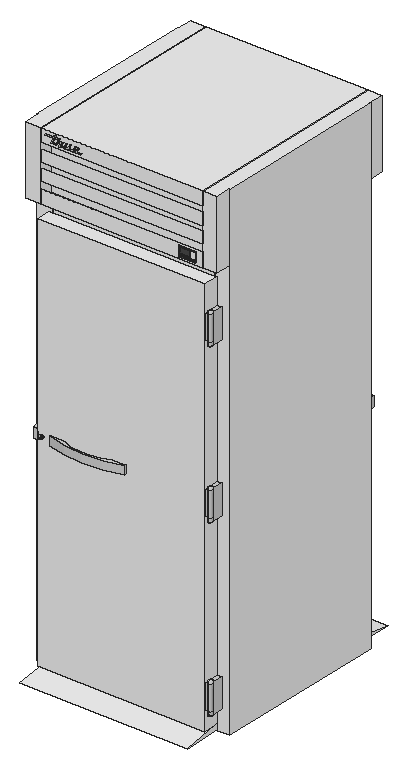
Revit family
Parameters
  Weight in Pounds = 0
  Watts = 2000 W
  Volts = 115 V
  URL Cutsheet = "www.truemfg.com"
  URL = "www.truemfg.com"
  Type Mark [instance] = ""
  Type Comments = ""
  Status [instance] = ""
  Specification by User [instance] = ""
  Specification by Manufacturer = ""
  Show Logo [instance] = yes
  Show Clearance [instance] = yes
  Serial Number = ""
  Seismic Rating = ""
  SMACNA No = ""
  Revision Code [instance] = ""
  Phase = 1
  Omniclass Number and Title = ""
  Number of Poles [instance] = 1
  NAFEM Spec ID Number = ""
  Model = "STG1HRT89-1S-1S"
  Min Ckt Ampacity = 0 A
  Max Overcurrent Protection = 0 A
  Masterspec = ""
  Manufacturer = "TRUE FOOD SERVICE EQUIPMENT, INC."
  Length = 35"
  Item Number [instance] = ""
  Installed By [instance] = ""
  Identify Quantity as Lot [instance] = yes
  Height = 88 3/4"
  HP = ""
  Furnished By [instance] = ""
  Foodservice Equipment Identifier [instance] = yes
  FL Amps = Watts / Volts  # 17.3913 A
  Electrical Remarks [instance] = ""
  Electric Connection Type [instance] = ""
  Elec Conn RI Height [instance] = 0"
  Elec Conn Connection Height [instance] = 0"
  Description = "Roll-thru Solid Swing Door Heated Cabinet"
  Depth = 37 1/2"
  Cycle = 60 Hz
  Conn Plug = "14-20P"
  Conn Conduit = yes
  CSI MasterFormat = ""
  CSI Master Format = ""
  Apparent Power = if(Phase = 3, Volts * FL Amps * 1.73, Volts * FL Amps)  # 2000 VA
Reference planes (in)
  plane 1 "BACK": y = 0
  plane 2: z = 0
  plane 3 "LEFT": x = 0
  plane 4 "RIGHT": x = 35
  plane 5 "FRONT": y = -37.5
  plane 6 "TOP": z = 88.75
  plane 7: x = 2.84375
  plane 8: y = -37.4542
  plane 9: x = 32.15625
  plane 10: y = -0.0458
  plane 11: y = -18.75
  plane 12: z = 73.75
Forms (in)
  Extrusion 1, solid, material "QF_Finishes_Chrome - Satin"
    sketch origin (0.05, 0, 0) x (1, 0, 0) y (0, 1, 0)
      loop
        line (-0.05, -2.75) -> (-0.05, -34.75) -> (2.87859, -34.75) -> (2.87859, -2.75) -> (-0.05, -2.75)
    from 0 to 88.75
  Extrusion 2, solid, material "QF_Finishes_Chrome - Satin"
    sketch origin (50.15, 0, 0) x (1, 0, 0) y (0, 1, 0)
      loop
        line (-17.85, -2.75) -> (-17.85, -34.75) -> (-15.15, -34.75) -> (-15.15, -2.75) -> (-17.85, -2.75)
    from 0 to 88.75
  Extrusion 3, solid, material "QF_Finishes_Chrome - Satin"
    sketch origin (0, 0, 0) x (0, 1, 0) y (0, 0, 1)
      loop
        line (-37.4542, 76.28125) -> (-34.75, 76.28125) -> (-34.75, 0) -> (-2.75, 0) -> (-2.75, 76.28125) -> (-0.0458, 76.28125) -> (-0.0458, 78.81726) -> (-2.25, 77.25) -> (-2.25, 78.52557) -> (-0.0458, 80.09284) -> (-0.0458, 82.18904) -> (-2.25, 80.62178) -> (-2.25, 81.58254) -> (-0.0458, 83.1498) -> (-0.0458, 85.28351) -> (-2.25, 83.71625) -> (-2.25, 84.83852) -> (-0.0458, 86.40578) -> (-0.0458, 88.75) -> (-37.4542, 88.75) -> (-37.4542, 86.40578) -> (-35.25, 84.83852) -> (-35.25, 83.71625) -> (-37.4542, 85.28351) -> (-37.4542, 83.1498) -> (-35.25, 81.58254) -> (-35.25, 80.62178) -> (-37.4542, 82.18904) -> (-37.4542, 80.09284) -> (-35.25, 78.52557) -> (-35.25, 77.25) -> (-37.4542, 78.81726) -> (-37.4542, 76.28125)
    from 2.92859 to 32.3
  Extrusion 4, solid, material "QF_Finishes_Chrome - Satin"
    sketch origin (0, 0, 0) x (1, 0, 0) y (0, 1, 0)
      loop
        line (34.84782, -34.75) -> (32.3, -34.75) -> (32.3, -37.5) -> (34.84782, -37.5) -> (34.84782, -34.75)
      loop
        line (34.84782, -2.75) -> (34.84782, 0) -> (32.3, 0) -> (32.3, -2.75) -> (34.84782, -2.75)
    from 76.28125 to 88.75
  Extrusion 5, solid, material "QF_Finishes_Chrome - Satin"
    sketch origin (-50.125, 0, 0.25) x (1, 0, 0) y (0, 1, 0)
      loop
        line (53.05359, -34.75) -> (50.24109, -34.75) -> (50.24109, -37.5) -> (53.05359, -37.5) -> (53.05359, -34.75)
      loop
        line (53.05359, -2.75) -> (53.05359, 0) -> (50.24109, 0) -> (50.24109, -2.75) -> (53.05359, -2.75)
    from 76.03125 to 88.5
  Extrusion 6, solid, material "QF_Finishes_Chrome - Satin"
    sketch origin (-24.96875, -3.75, -0.71875) x (1, 0, 0) y (0, 0, 1)
      loop
        line (27.25, 1.71875) -> (57.65625, 1.71875) -> (57.65625, 74.46875) -> (27.25, 74.46875) -> (27.25, 1.71875)
    from 31 to 33.75
  Extrusion 7, solid, material "QF_Finishes_Handrails and Railings"
    sketch origin (58.625, -0.25, 26.93519) x (1, 0, 0) y (0, 1, 0)
      loop
        line (-53.875, -37.25) -> (-53.875, -37.45)
        arc (-53.875, -37.45) -> (-47.075, -38.65633) -> (-40.275, -37.45) r 19.7687
        line (-40.275, -37.45) -> (-40.275, -37.25) -> (-42.675, -37.25)
        arc (-42.675, -37.25) -> (-47.075, -38.40816) -> (-51.475, -37.25) r 8.93713
        line (-51.475, -37.25) -> (-53.875, -37.25)
    from 10.87731 to 12.37731
  Extrusion 8, solid, material "QF_Finishes_Handrails and Railings"
    sketch origin (-23.375, -3.83467, -1.5) x (1, 0, 0) y (0, 0, 1)
      loop
        circle (26.4375, 40.0625) r 0.35
      loop
        line (26.47265, 40.33635) -> (26.41715, 40.33635) -> (26.41715, 39.76895) -> (26.47265, 39.76895) -> (26.47265, 40.33635)
    from 33.5 to 33.83066
  Extrusion 9, solid, material "QF_Finishes_Handrails and Railings", visible <- "Show Logo"
    sketch origin (0.33478, -2.68623, 5.01857) x (1, 0, 0) y (0, 0, 1)
      loop
        line (3.46044, 83.08731) -> (3.35478, 82.86073) -> (4.76027, 82.86073)
        arc (4.76027, 82.86073) -> (4.78879, 82.81028) -> (4.76027, 82.75984) r 0.05887
        line (4.76027, 82.75984) -> (4.39369, 81.97372)
        arc (4.39369, 81.97372) -> (4.39051, 81.90091) -> (4.43975, 81.84717) r 0.09523
        line (4.43975, 81.84717) -> (5.33844, 81.84717)
        arc (5.33844, 81.84717) -> (5.45192, 81.88295) -> (5.52436, 81.97735) r 0.19785
        line (5.52436, 81.97735) -> (5.81285, 82.59601) -> (6.0779, 82.59601)
        arc (6.0779, 82.59601) -> (6.14744, 82.57043) -> (6.13737, 82.49703) r 0.05911
        line (6.13737, 82.49703) -> (5.89598, 81.97937)
        arc (5.89598, 81.97937) -> (5.89974, 81.8934) -> (5.97231, 81.84717) r 0.09318
        line (5.97231, 81.84717) -> (6.76198, 81.84717)
        arc (6.76198, 81.84717) -> (6.82249, 81.86919) -> (6.85468, 81.92495) r 0.09412
        arc (6.85468, 81.92495) -> (6.87746, 81.86995) -> (6.93246, 81.84717) r 0.07778
        line (6.93246, 81.84717) -> (7.43246, 81.84717)
        arc (7.43246, 81.84717) -> (7.49022, 81.86265) -> (7.53251, 81.90493) r 0.11552
        arc (7.53251, 81.90493) -> (7.55275, 81.85606) -> (7.60162, 81.83581) r 0.06912
        line (7.60162, 81.83581) -> (8.31225, 81.83581)
        arc (8.31225, 81.83581) -> (8.37034, 81.85988) -> (8.39441, 81.91797) r 0.08216
        arc (8.39441, 81.91797) -> (8.44767, 81.86472) -> (8.52042, 81.84522) r 0.14551
        line (8.52042, 81.84522) -> (9.85158, 81.84522) -> (9.99946, 82.10134) -> (8.65678, 82.10134)
        arc (8.65678, 82.10134) -> (8.61972, 82.12704) -> (8.61834, 82.17211) r 0.05009
        line (8.61834, 82.17211) -> (8.64157, 82.22192)
        arc (8.64157, 82.22192) -> (8.67723, 82.26864) -> (8.73327, 82.28635) r 0.09747
        line (8.73327, 82.28635) -> (9.16485, 82.28635)
        arc (9.16485, 82.28635) -> (9.258, 82.31131) -> (9.32619, 82.3795) r 0.1863
        line (9.32619, 82.3795) -> (9.45119, 82.59601)
        arc (9.45119, 82.59601) -> (9.45119, 82.71157) -> (9.35111, 82.76934) r 0.11556
        line (9.35111, 82.76934) -> (8.89562, 82.76934)
        arc (8.89562, 82.76934) -> (8.7795, 82.74962) -> (8.69849, 82.66412) r 0.18605
        line (8.69849, 82.66412) -> (8.48204, 82.19993)
        arc (8.48204, 82.19993) -> (8.41815, 82.11667) -> (8.31806, 82.08511) r 0.1745
        line (8.31806, 82.08511) -> (7.84559, 82.08511)
        arc (7.84559, 82.08511) -> (7.78903, 82.14684) -> (7.79268, 82.23048) r 0.10939
        line (7.79268, 82.23048) -> (8.04395, 82.76934) -> (7.88403, 82.76934) -> (7.61781, 82.19844)
        arc (7.61781, 82.19844) -> (7.56609, 82.13103) -> (7.48505, 82.10548) r 0.14128
        line (7.48505, 82.10548) -> (7.15925, 82.10548)
        arc (7.15925, 82.10548) -> (7.10419, 82.17723) -> (7.116, 82.26689) r 0.11816
        line (7.116, 82.26689) -> (7.3503, 82.76934) -> (7.18514, 82.76934) -> (6.91546, 82.191)
        arc (6.91546, 82.191) -> (6.85285, 82.12839) -> (6.76733, 82.10548) r 0.17104
        line (6.76733, 82.10548) -> (6.29555, 82.10548)
        arc (6.29555, 82.10548) -> (6.21082, 82.14499) -> (6.20267, 82.23813) r 0.0935
        line (6.20267, 82.23813) -> (6.35774, 82.57069) -> (6.57695, 82.57069)
        arc (6.57695, 82.57069) -> (6.61395, 82.68217) -> (6.69267, 82.76934) r 0.2857
        line (6.69267, 82.76934) -> (5.83605, 82.76934)
        arc (5.83605, 82.76934) -> (5.74086, 82.74824) -> (5.67498, 82.67635) r 0.16212
        line (5.67498, 82.67635) -> (5.44279, 82.17841)
        arc (5.44279, 82.17841) -> (5.3894, 82.12502) -> (5.31647, 82.10548) r 0.14586
        line (5.31647, 82.10548) -> (4.80506, 82.10548)
        arc (4.80506, 82.10548) -> (4.76514, 82.15942) -> (4.77274, 82.22609) r 0.09155
        line (4.77274, 82.22609) -> (5.11018, 82.86073) -> (5.96155, 82.86073) -> (6.06721, 83.08731) -> (5.21584, 83.08731) -> (5.32149, 83.31388) -> (5.01862, 83.31388) -> (4.91297, 83.08731) -> (3.46044, 83.08731)
      loop
        arc (8.83805, 82.56363) -> (8.80119, 82.55375) -> (8.7742, 82.52676) r 0.07373
        line (8.7742, 82.52676) -> (8.75229, 82.45936)
        arc (8.75229, 82.45936) -> (8.76245, 82.43483) -> (8.78699, 82.42466) r 0.0347
        line (8.78699, 82.42466) -> (9.15948, 82.42466)
        arc (9.15948, 82.42466) -> (9.18632, 82.43061) -> (9.20812, 82.44734) r 0.0635
        line (9.20812, 82.44734) -> (9.22624, 82.53122)
        arc (9.22624, 82.53122) -> (9.22091, 82.55368) -> (9.20009, 82.56363) r 0.02676
        line (9.20009, 82.56363) -> (8.83805, 82.56363)
    from 34.76797 to 34.83173
  Extrusion 10, solid, material "QF_Finishes_White"
    sketch origin (-22.74812, -2.7042, -7.94372) x (1, 0, 0) y (0, 0, 1)
      loop
        line (50.81732, 86.35727) -> (50.81732, 84.60996) -> (53.72357, 84.60996) -> (53.72357, 86.35727) -> (50.81732, 86.35727)
    from 34.75 to 34.76797
  Extrusion 11, solid, material "QF_Finishes_Black"
    sketch origin (-22.74812, -2.7042, -7.94372) x (1, 0, 0) y (0, 0, 1)
      loop
        line (53.78607, 86.41977) -> (50.75482, 86.41977) -> (50.75482, 84.54746) -> (53.78607, 84.54746) -> (53.78607, 86.41977)
      loop
        spline (50.95482, 84.87872) -> (50.96333, 84.86254) -> (50.98831, 84.84747) -> (51.02804, 84.83452) -> (51.07982, 84.82459) -> (51.14011, 84.81835) -> (51.20482, 84.81622) -> (51.26952, 84.81835) -> (51.32982, 84.82459) -> (51.38159, 84.83452) -> (51.42132, 84.84747) -> (51.4463, 84.86254) -> (51.45482, 84.87872)
        spline (51.45482, 84.87872) -> (51.4463, 84.89489) -> (51.42132, 84.90997) -> (51.38159, 84.92291) -> (51.32982, 84.93284) -> (51.26952, 84.93909) -> (51.20482, 84.94122) -> (51.14011, 84.93909) -> (51.07982, 84.93284) -> (51.02804, 84.92291) -> (50.98831, 84.90997) -> (50.96333, 84.89489) -> (50.95482, 84.87872)
      loop
        spline (51.65083, 84.87872) -> (51.65935, 84.86254) -> (51.68432, 84.84747) -> (51.72405, 84.83452) -> (51.77583, 84.82459) -> (51.83612, 84.81835) -> (51.90083, 84.81622) -> (51.96553, 84.81835) -> (52.02583, 84.82459) -> (52.07761, 84.83452) -> (52.11734, 84.84747) -> (52.14231, 84.86254) -> (52.15083, 84.87872)
        spline (52.15083, 84.87872) -> (52.14231, 84.89489) -> (52.11734, 84.90997) -> (52.07761, 84.92291) -> (52.02583, 84.93284) -> (51.96553, 84.93909) -> (51.90083, 84.94122) -> (51.83612, 84.93909) -> (51.77583, 84.93284) -> (51.72405, 84.92291) -> (51.68432, 84.90997) -> (51.65935, 84.89489) -> (51.65083, 84.87872)
      loop
        spline (52.40083, 84.87872) -> (52.40935, 84.86254) -> (52.43432, 84.84747) -> (52.47405, 84.83452) -> (52.52583, 84.82459) -> (52.58612, 84.81835) -> (52.65083, 84.81622) -> (52.71553, 84.81835) -> (52.77583, 84.82459) -> (52.82761, 84.83452) -> (52.86734, 84.84747) -> (52.89231, 84.86254) -> (52.90083, 84.87872)
        spline (52.90083, 84.87872) -> (52.89231, 84.89489) -> (52.86734, 84.90997) -> (52.82761, 84.92291) -> (52.77583, 84.93284) -> (52.71553, 84.93909) -> (52.65083, 84.94122) -> (52.58612, 84.93909) -> (52.52583, 84.93284) -> (52.47405, 84.92291) -> (52.43432, 84.90997) -> (52.40935, 84.89489) -> (52.40083, 84.87872)
      loop
        line (50.95481, 86.21978) -> (50.95481, 85.21978) -> (52.65433, 85.21978) -> (52.65433, 86.21978) -> (50.95481, 86.21978)
      loop
        line (53.72357, 86.35727) -> (50.81732, 86.35727) -> (50.81732, 84.60996) -> (53.72357, 84.60996) -> (53.72357, 86.35727)
      loop
        spline (53.15083, 84.87872) -> (53.15935, 84.86254) -> (53.18432, 84.84747) -> (53.22405, 84.83452) -> (53.27583, 84.82459) -> (53.33612, 84.81835) -> (53.40083, 84.81622) -> (53.46553, 84.81835) -> (53.52583, 84.82459) -> (53.57761, 84.83452) -> (53.61734, 84.84747) -> (53.64231, 84.86254) -> (53.65083, 84.87872)
        spline (53.65083, 84.87872) -> (53.64231, 84.89489) -> (53.61734, 84.90997) -> (53.57761, 84.92291) -> (53.52583, 84.93284) -> (53.46553, 84.93909) -> (53.40083, 84.94122) -> (53.33612, 84.93909) -> (53.27583, 84.93284) -> (53.22405, 84.92291) -> (53.18432, 84.90997) -> (53.15935, 84.89489) -> (53.15083, 84.87872)
    from 34.76797 to 34.80335
  Extrusion 12, solid
    sketch origin (-25.125, 0, 0) x (1, 0, 0) y (0, 0, 1)
      loop
        circle (56.875, 86.625) r 0.25
    from 0 to 0.0625
  Blend 13, solid, material "QF_Finishes_Handrails and Railings"
    base sketch origin (27.53125, -3.75, 0.5) x (-1, 0, 0) y (0, 0, -1)
      loop
        line (25.25, -38.99169) -> (26, -38.99169) -> (26, -37.24169) -> (25.25, -37.24169) -> (25.25, -38.99169)
    top sketch origin (27.53125, 0, 0.5) x (-1, 0, 0) y (0, 0, -1)
      loop
        line (26.18223, -36.6441) -> (25.25, -36.6441) -> (25.25, -39.42643) -> (26.18223, -39.42643) -> (26.18223, -36.6441)
    from 33.57883 to 34.75
  Extrusion 14, solid, material "QF_Finishes_Handrails and Railings"
    sketch origin (33.78125, 0, 0) x (0, 1, 0) y (0, 0, -1)
      loop
        line (-34.75, -69.17729) -> (-34.75, -63.86127) -> (-37, -63.86127) -> (-37, -64.57348) -> (-36.56497, -64.57348) -> (-36.56497, -68.97276)
        arc (-36.56497, -68.97276) -> (-36.50506, -69.11738) -> (-36.36044, -69.17729) r 0.20453
        line (-36.36044, -69.17729) -> (-34.75, -69.17729)
    from 0.17506 to 1
  Revolve 15, solid, material "QF_Finishes_Handrails and Railings"
    sketch origin (33.28125, 0, 0) x (0, 1, 0) y (0, 0, -1)
      loop
        line (-37.01563, -64.62689) -> (-37.42229, -64.62689) -> (-37.42229, -69.0986)
        arc (-37.42229, -69.0986) -> (-37.28722, -69.35057) -> (-37.01563, -69.43983) r 0.3848
        line (-37.01563, -69.43983) -> (-37.01563, -64.62689)
      loop
        line (-37.01563, -64.57348) -> (-37.01563, -63.67281)
        arc (-37.01563, -63.67281) -> (-37.28264, -63.75883) -> (-37.42229, -64.00212) r 0.38884
        line (-37.42229, -64.00212) -> (-37.42229, -64.57348) -> (-37.01563, -64.57348)
      axis (-37.01563, -63.67281) -> (-37.01563, -69.43983)
    angle from 0 to 360
  Extrusion 16, solid, material "QF_Finishes_Handrails and Railings"
    sketch origin (27.5, -3.82734, 0.0011) x (-1, 0, 0) y (0, 0, -1)
      loop
        line (-5.58509, -69.0986) -> (-5.1875, -69.0986) -> (-5.1875, -64.62579) -> (-5.58509, -64.62579) -> (-5.58509, -69.0986)
    from 32.81497 to 33.59495
  Extrusion 17, solid, material "QF_Finishes_Handrails and Railings"
    sketch origin (33.78125, 0, -24) x (0, 1, 0) y (0, 0, -1)
      loop
        line (-34.75, -64.55229) -> (-34.75, -59.23627) -> (-37, -59.23627) -> (-37, -59.94848) -> (-36.56497, -59.94848) -> (-36.56497, -64.34776)
        arc (-36.56497, -64.34776) -> (-36.50506, -64.49238) -> (-36.36044, -64.55229) r 0.20453
        line (-36.36044, -64.55229) -> (-34.75, -64.55229)
    from 0.17506 to 1
  Revolve 18, solid, material "QF_Finishes_Handrails and Railings"
    sketch origin (33.28125, 0, -24) x (0, 1, 0) y (0, 0, -1)
      loop
        line (-37.01563, -60.00189) -> (-37.42229, -60.00189) -> (-37.42229, -64.4736)
        arc (-37.42229, -64.4736) -> (-37.28722, -64.72557) -> (-37.01563, -64.81483) r 0.3848
        line (-37.01563, -64.81483) -> (-37.01563, -60.00189)
      loop
        line (-37.01563, -59.94848) -> (-37.01563, -59.04781)
        arc (-37.01563, -59.04781) -> (-37.28264, -59.13383) -> (-37.42229, -59.37712) r 0.38884
        line (-37.42229, -59.37712) -> (-37.42229, -59.94848) -> (-37.01563, -59.94848)
      axis (-37.01563, -59.04781) -> (-37.01563, -64.81483)
    angle from 0 to 360
  Extrusion 19, solid, material "QF_Finishes_Handrails and Railings"
    sketch origin (27.5, -3.82734, -23.9989) x (-1, 0, 0) y (0, 0, -1)
      loop
        line (-5.58509, -64.4736) -> (-5.1875, -64.4736) -> (-5.1875, -60.00079) -> (-5.58509, -60.00079) -> (-5.58509, -64.4736)
    from 32.81497 to 33.59495
  Extrusion 20, solid, material "QF_Finishes_Handrails and Railings"
    sketch origin (33.78125, 0, -55.5) x (0, 1, 0) y (0, 0, -1)
      loop
        line (-34.75, -64.55229) -> (-34.75, -59.23627) -> (-37, -59.23627) -> (-37, -59.94848) -> (-36.56497, -59.94848) -> (-36.56497, -64.34776)
        arc (-36.56497, -64.34776) -> (-36.50506, -64.49238) -> (-36.36044, -64.55229) r 0.20453
        line (-36.36044, -64.55229) -> (-34.75, -64.55229)
    from 0.17506 to 1
  Revolve 21, solid, material "QF_Finishes_Handrails and Railings"
    sketch origin (33.28125, 0, -55.5) x (0, 1, 0) y (0, 0, -1)
      loop
        line (-37.01563, -60.00189) -> (-37.42229, -60.00189) -> (-37.42229, -64.4736)
        arc (-37.42229, -64.4736) -> (-37.28722, -64.72557) -> (-37.01563, -64.81483) r 0.3848
        line (-37.01563, -64.81483) -> (-37.01563, -60.00189)
      loop
        line (-37.01563, -59.94848) -> (-37.01563, -59.04781)
        arc (-37.01563, -59.04781) -> (-37.28264, -59.13383) -> (-37.42229, -59.37712) r 0.38884
        line (-37.42229, -59.37712) -> (-37.42229, -59.94848) -> (-37.01563, -59.94848)
      axis (-37.01563, -59.04781) -> (-37.01563, -64.81483)
    angle from 0 to 360
  Extrusion 22, solid, material "QF_Finishes_Handrails and Railings"
    sketch origin (27.5, -3.82734, -55.4989) x (-1, 0, 0) y (0, 0, -1)
      loop
        line (-5.58509, -64.4736) -> (-5.1875, -64.4736) -> (-5.1875, -60.00079) -> (-5.58509, -60.00079) -> (-5.58509, -64.4736)
    from 32.81497 to 33.59495
  Extrusion 23, solid, material "QF_Finishes_Door Clearance", visible <- "Show Clearance", detail levels coarse
    sketch origin (26.42841, -3.6098, 0) x (1, 0, 0) y (0, 1, 0)
      loop
        line (6.32159, -33.8902) -> (-24.14716, -33.8902)
        arc (-24.14716, -33.8902) -> (-15.22307, -55.43486) -> (6.32159, -64.35895) r 30.46875
        line (6.32159, -64.35895) -> (6.32159, -33.8902)
    from 1 to 73.75
  Extrusion 24, solid, material "QF_Finishes_Chrome - Satin"
    sketch origin (32.6875, -3.75, 1) x (0, 0, 1) y (0, -1, 0)
      loop
        line (-1, 37.6875) -> (-1, 31) -> (0, 31) -> (-1, 37.6875)
    from 0 to -30.40625
  Extrusion 25, solid, material "QF_Finishes_Chrome - Satin"
    sketch origin (59.96875, -33.75, -0.71875) x (-1, 0, 0) y (0, 0, 1)
      loop
        line (27.25, 1.71875) -> (57.65625, 1.71875) -> (57.65625, 74.46875) -> (27.25, 74.46875) -> (27.25, 1.71875)
    from 31 to 33.75
  Extrusion 26, solid, material "QF_Finishes_Handrails and Railings"
    sketch origin (-23.625, -37.25, 26.93519) x (-1, 0, 0) y (0, -1, 0)
      loop
        line (-53.875, -37.25) -> (-53.875, -37.45)
        arc (-53.875, -37.45) -> (-47.075, -38.65628) -> (-40.275, -37.45) r 19.76948
        line (-40.275, -37.45) -> (-40.275, -37.25) -> (-42.675, -37.25)
        arc (-42.675, -37.25) -> (-47.075, -38.40816) -> (-51.475, -37.25) r 8.93715
        line (-51.475, -37.25) -> (-53.875, -37.25)
    from 10.87731 to 12.37731
  Extrusion 27, solid, material "QF_Finishes_Handrails and Railings"
    sketch origin (58.375, -33.66533, -1.5) x (-1, 0, 0) y (0, 0, 1)
      loop
        circle (26.4375, 40.0625) r 0.35
      loop
        line (26.47265, 40.33635) -> (26.41715, 40.33635) -> (26.41715, 39.76895) -> (26.47265, 39.76895) -> (26.47265, 40.33635)
    from 33.5 to 33.83066
  Blend 28, solid, material "QF_Finishes_Handrails and Railings"
    base sketch origin (7.46875, -33.75, 0.5) x (1, 0, 0) y (0, 0, -1)
      loop
        line (25.25, -38.99169) -> (26, -38.99169) -> (26, -37.24169) -> (25.25, -37.24169) -> (25.25, -38.99169)
    top sketch origin (7.46875, -37.5, 0.5) x (1, 0, 0) y (0, 0, -1)
      loop
        line (26.18223, -36.6441) -> (25.25, -36.6441) -> (25.25, -39.42643) -> (26.18223, -39.42643) -> (26.18223, -36.6441)
    from 33.57883 to 34.75
  Extrusion 29, solid, material "QF_Finishes_Handrails and Railings"
    sketch origin (1.21875, -37.5, 0) x (0, -1, 0) y (0, 0, -1)
      loop
        line (-34.75, -69.17729) -> (-34.75, -63.86127) -> (-37, -63.86127) -> (-37, -64.57348) -> (-36.56497, -64.57348) -> (-36.56497, -68.97276)
        arc (-36.56497, -68.97276) -> (-36.50506, -69.11738) -> (-36.36044, -69.17729) r 0.20453
        line (-36.36044, -69.17729) -> (-34.75, -69.17729)
    from 0.17506 to 1
  Revolve 30, solid, material "QF_Finishes_Handrails and Railings"
    sketch origin (1.71875, -37.5, 0) x (0, -1, 0) y (0, 0, -1)
      loop
        line (-37.01563, -64.62689) -> (-37.42229, -64.62689) -> (-37.42229, -69.0986)
        arc (-37.42229, -69.0986) -> (-37.28722, -69.35057) -> (-37.01563, -69.43983) r 0.3848
        line (-37.01563, -69.43983) -> (-37.01563, -64.62689)
      loop
        line (-37.01563, -64.57348) -> (-37.01563, -63.67281)
        arc (-37.01563, -63.67281) -> (-37.28264, -63.75883) -> (-37.42229, -64.00212) r 0.38884
        line (-37.42229, -64.00212) -> (-37.42229, -64.57348) -> (-37.01563, -64.57348)
      axis (-37.01563, -63.67281) -> (-37.01563, -69.43983)
    angle from 0 to 360
  Extrusion 31, solid, material "QF_Finishes_Handrails and Railings"
    sketch origin (7.5, -33.67266, 0.0011) x (1, 0, 0) y (0, 0, -1)
      loop
        line (-5.58509, -69.0986) -> (-5.1875, -69.0986) -> (-5.1875, -64.62579) -> (-5.58509, -64.62579) -> (-5.58509, -69.0986)
    from 32.81497 to 33.59495
  Extrusion 32, solid, material "QF_Finishes_Handrails and Railings"
    sketch origin (1.21875, -37.5, -24) x (0, -1, 0) y (0, 0, -1)
      loop
        line (-34.75, -64.55229) -> (-34.75, -59.23627) -> (-37, -59.23627) -> (-37, -59.94848) -> (-36.56497, -59.94848) -> (-36.56497, -64.34776)
        arc (-36.56497, -64.34776) -> (-36.50506, -64.49238) -> (-36.36044, -64.55229) r 0.20453
        line (-36.36044, -64.55229) -> (-34.75, -64.55229)
    from 0.17506 to 1
  Revolve 33, solid, material "QF_Finishes_Handrails and Railings"
    sketch origin (1.71875, -37.5, -24) x (0, -1, 0) y (0, 0, -1)
      loop
        line (-37.01563, -60.00189) -> (-37.42229, -60.00189) -> (-37.42229, -64.4736)
        arc (-37.42229, -64.4736) -> (-37.28722, -64.72557) -> (-37.01563, -64.81483) r 0.3848
        line (-37.01563, -64.81483) -> (-37.01563, -60.00189)
      loop
        line (-37.01563, -59.94848) -> (-37.01563, -59.04781)
        arc (-37.01563, -59.04781) -> (-37.28264, -59.13383) -> (-37.42229, -59.37712) r 0.38884
        line (-37.42229, -59.37712) -> (-37.42229, -59.94848) -> (-37.01563, -59.94848)
      axis (-37.01563, -59.04781) -> (-37.01563, -64.81483)
    angle from 0 to 360
  Extrusion 34, solid, material "QF_Finishes_Handrails and Railings"
    sketch origin (7.5, -33.67266, -23.9989) x (1, 0, 0) y (0, 0, -1)
      loop
        line (-5.58509, -64.4736) -> (-5.1875, -64.4736) -> (-5.1875, -60.00079) -> (-5.58509, -60.00079) -> (-5.58509, -64.4736)
    from 32.81497 to 33.59495
  Extrusion 35, solid, material "QF_Finishes_Handrails and Railings"
    sketch origin (1.21875, -37.5, -55.5) x (0, -1, 0) y (0, 0, -1)
      loop
        line (-34.75, -64.55229) -> (-34.75, -59.23627) -> (-37, -59.23627) -> (-37, -59.94848) -> (-36.56497, -59.94848) -> (-36.56497, -64.34776)
        arc (-36.56497, -64.34776) -> (-36.50506, -64.49238) -> (-36.36044, -64.55229) r 0.20453
        line (-36.36044, -64.55229) -> (-34.75, -64.55229)
    from 0.17506 to 1
  Revolve 36, solid, material "QF_Finishes_Handrails and Railings"
    sketch origin (1.71875, -37.5, -55.5) x (0, -1, 0) y (0, 0, -1)
      loop
        line (-37.01563, -60.00189) -> (-37.42229, -60.00189) -> (-37.42229, -64.4736)
        arc (-37.42229, -64.4736) -> (-37.28722, -64.72557) -> (-37.01563, -64.81483) r 0.3848
        line (-37.01563, -64.81483) -> (-37.01563, -60.00189)
      loop
        line (-37.01563, -59.94848) -> (-37.01563, -59.04781)
        arc (-37.01563, -59.04781) -> (-37.28264, -59.13383) -> (-37.42229, -59.37712) r 0.38884
        line (-37.42229, -59.37712) -> (-37.42229, -59.94848) -> (-37.01563, -59.94848)
      axis (-37.01563, -59.04781) -> (-37.01563, -64.81483)
    angle from 0 to 360
  Extrusion 37, solid, material "QF_Finishes_Handrails and Railings"
    sketch origin (7.5, -33.67266, -55.4989) x (1, 0, 0) y (0, 0, -1)
      loop
        line (-5.58509, -64.4736) -> (-5.1875, -64.4736) -> (-5.1875, -60.00079) -> (-5.58509, -60.00079) -> (-5.58509, -64.4736)
    from 32.81497 to 33.59495
  Extrusion 38, solid, material "QF_Finishes_Door Clearance", visible <- "Show Clearance", detail levels coarse
    sketch origin (8.57159, -33.8902, 0) x (-1, 0, 0) y (0, -1, 0)
      loop
        line (6.32159, -33.8902) -> (-24.14716, -33.8902)
        arc (-24.14716, -33.8902) -> (-15.22307, -55.43486) -> (6.32159, -64.35895) r 30.46875
        line (6.32159, -64.35895) -> (6.32159, -33.8902)
    from 1 to 73.75
  Extrusion 39, solid, material "QF_Finishes_Chrome - Satin"
    sketch origin (2.3125, -33.75, 1) x (0, 0, 1) y (0, 1, 0)
      loop
        line (-1, 37.6875) -> (-1, 31) -> (0, 31) -> (-1, 37.6875)
    from 0 to -30.40625
Cuts and joins
  joined: Extrusion 1, Extrusion 2, Extrusion 4, Extrusion 5
Lines and regions (in)
  symbolic lines
    curve 1: line (0, 0, 0) -> (35, 0, 0)
    curve 2: line (0, -37.5, 0) -> (0, 0, 0)
    curve 3: line (35, -37.5, 0) -> (0, -37.5, 0)
    curve 4: line (35, 0, 0) -> (35, -37.5, 0)
    curve 5: line (35, -35.25, 0) -> (0, -35.25, 0)
    curve 6: arc (15.95746, -37.5, 0) -> (11.55746, -38.65816, 0) -> (7.15746, -37.5, 0) r 8.93715
    curve 7: line (4.75746, -37.5, 0) -> (4.75746, -37.70273, 0)
    curve 8: line (18.35746, -37.69726, 0) -> (18.35746, -37.5, 0)
    curve 13: line (16.65, 0.2, 0) -> (16.65, 0, 0)
    curve 14: line (30.25, 0, 0) -> (30.25, 0.2, 0)
    curve 15: arc (19.05, 0, 0) -> (23.45, 1.15816, 0) -> (27.85, 0, 0) r 8.93715
    curve 16: arc (4.75746, -37.70273, 0) -> (11.55795, -38.90633, 0) -> (18.35746, -37.69726, 0) r 19.7687
    curve 17: arc (30.25, 0.2, 0) -> (23.45, 1.40628, 0) -> (16.65, 0.2, 0) r 19.76948
    curve 18: line (35, -2.25, 0) -> (0, -2.25, 0)
  symbolic lines, style "QF-Door Swings", visible <- "Show Clearance", detail levels coarse
    curve 9: line (32.75, -37.5, 0) -> (32.75, -67.96875, 0)
    curve 10: arc (32.75, -67.96875, 0) -> (11.20534, -59.04466, 0) -> (2.28125, -37.5, 0) r 30.46875
    curve 11: line (2.25, 0, 0) -> (2.25, 30.46875, 0)
    curve 12: arc (2.25, 30.46875, 0) -> (23.79466, 21.54466, 0) -> (32.71875, 0, 0) r 30.46875
Dimensions and locks (in)
  "Depth": plane 5 "FRONT" to plane 1 "BACK"
  plane 6 "TOP" to level = 88 3/4"  (x2)
  Extrusion 6 sketch curve to Extrusion 6 sketch curve = 30 13/32"
  Extrusion 6 to plane 1 "BACK" = 37 1/2"
  "Length": plane 3 "LEFT" to plane 4 "RIGHT"
  plane 4 "RIGHT" to plane 3 "LEFT" = 35"
  plane 5 "FRONT" to plane 1 "BACK" = 37 1/2"
  Extrusion 25 sketch curve to Extrusion 25 sketch curve = 30 13/32"
  plane 12 to level = 73 3/4"
  aligned and locked: level to plane 2
Automatic sketch dimensions
  Extrusion 39 sketch curve to Extrusion 25 = 0"
  Extrusion 39 sketch curve to Extrusion 39 sketch curve = 1"
  Extrusion 39 sketch curve to Extrusion 25 = 3 15/16"
  Extrusion 1 sketch curve to plane 3 "LEFT" = 0"
  plane 1 "BACK" to Extrusion 1 sketch curve = 2 3/4"
  plane 7 to Extrusion 1 sketch curve = 0.08484"
  Extrusion 1 sketch curve to plane 5 "FRONT" = 2 3/4"
  plane 1 "BACK" to Extrusion 2 sketch curve = 2 3/4"
  Extrusion 2 sketch curve to plane 4 "RIGHT" = 0"
  Extrusion 2 sketch curve to plane 9 = 0.14375"
  Extrusion 2 sketch curve to plane 5 "FRONT" = 2 3/4"
  Extrusion 3 sketch curve to plane 8 = 0"  (x4)
  Extrusion 3 sketch curve to level = 0"
  Extrusion 3 sketch curve to plane 10 = 0"  (x4)
  Extrusion 3 sketch curve to plane 6 "TOP" = 0"
  plane 8 to Extrusion 3 sketch curve = 2.2042"
  Extrusion 3 sketch curve to Extrusion 3 sketch curve = 0"  (x3)
  plane 8 to Extrusion 3 sketch curve = 2.7042"
  Extrusion 3 sketch curve to Extrusion 3 sketch curve = 2.7042"
  plane 10 to Extrusion 3 sketch curve = 2.2042"
  Extrusion 3 sketch curve to Extrusion 3 sketch curve = 1/2"
  Extrusion 3 sketch curve to plane 6 "TOP" = 12 15/32"  (x2)
  Extrusion 3 sketch curve to Extrusion 3 sketch curve = 31/32"  (x2)
  Extrusion 3 sketch curve to Extrusion 3 sketch curve = 1.27557"  (x4)
  Extrusion 3 sketch curve to Extrusion 3 sketch curve = 0.29169"  (x2)
  Extrusion 3 sketch curve to Extrusion 3 sketch curve = 2.0962"  (x4)
  Extrusion 3 sketch curve to Extrusion 3 sketch curve = 0.96076"  (x4)
  Extrusion 3 sketch curve to Extrusion 3 sketch curve = 2.13371"  (x4)
  Extrusion 3 sketch curve to Extrusion 3 sketch curve = 1.12227"  (x4)
  Extrusion 6 sketch curve to plane 7 = 9/16"
  level to Extrusion 6 sketch curve = 1"
  Extrusion 6 sketch curve to plane 6 "TOP" = 15"
  plane 7 to Extrusion 8 sketch curve = 0.1984"
  plane 7 to Extrusion 8 sketch curve = 7/32"
  Extrusion 8 sketch curve to Extrusion 8 sketch curve = 0.0555"
  level to Extrusion 8 sketch curve = 38.26895"
  Extrusion 8 sketch curve to Extrusion 8 sketch curve = 0.29355"
  Extrusion 8 sketch curve to Extrusion 8 sketch curve = 0.27385"
  plane 7 to Extrusion 9 sketch curve = 0.84582"
  Extrusion 9 sketch curve to Extrusion 9 sketch curve = 0.10565"  (x5)
  Extrusion 9 sketch curve to Extrusion 9 sketch curve = 1.03891"
  Extrusion 9 sketch curve to Extrusion 9 sketch curve = 0.04606"
  Extrusion 9 sketch curve to Extrusion 9 sketch curve = 0.08631"
  Extrusion 9 sketch curve to Extrusion 9 sketch curve = 0.33624"
  Extrusion 9 sketch curve to Extrusion 9 sketch curve = 0.03034"  (x2)
  Extrusion 9 sketch curve to Extrusion 9 sketch curve = 0.29274"
  Extrusion 9 sketch curve to Extrusion 9 sketch curve = 0.03232"
  Extrusion 9 sketch curve to Extrusion 9 sketch curve = 0.04851"
  Extrusion 9 sketch curve to plane 6 "TOP" = 0.64412"
  Extrusion 9 sketch curve to Extrusion 9 sketch curve = 0.1527"
  Extrusion 9 sketch curve to plane 6 "TOP" = 0.41755"
  Extrusion 9 sketch curve to Extrusion 9 sketch curve = 0.19721"
  Extrusion 9 sketch curve to Extrusion 9 sketch curve = 0.4629"
  Extrusion 9 sketch curve to Extrusion 9 sketch curve = 0.02197"
  Extrusion 9 sketch curve to Extrusion 9 sketch curve = 0.12632"
  Extrusion 9 sketch curve to Extrusion 9 sketch curve = 0.18591"
  Extrusion 9 sketch curve to plane 6 "TOP" = 1.05508"
  Extrusion 9 sketch curve to Extrusion 9 sketch curve = 0.2322"
  Extrusion 9 sketch curve to Extrusion 9 sketch curve = 0.13786"
  Extrusion 9 sketch curve to Extrusion 9 sketch curve = 0.00907"
  Extrusion 9 sketch curve to Extrusion 9 sketch curve = 0.01413"
  Extrusion 9 sketch curve to Extrusion 9 sketch curve = 0.37162"
  Extrusion 9 sketch curve to plane 6 "TOP" = 0.8707"
  Extrusion 9 sketch curve to Extrusion 9 sketch curve = 0.12551"
  Extrusion 9 sketch curve to Extrusion 9 sketch curve = 0.07633"
  Extrusion 9 sketch curve to Extrusion 9 sketch curve = 0.08445"
  Extrusion 9 sketch curve to Extrusion 9 sketch curve = 0.25598"
  Extrusion 9 sketch curve to Extrusion 9 sketch curve = 0.01887"
  Extrusion 9 sketch curve to Extrusion 9 sketch curve = 0.04061"
  Extrusion 9 sketch curve to plane 6 "TOP" = 1.4933"
  Extrusion 9 sketch curve to Extrusion 9 sketch curve = 0.0653"
  Extrusion 9 sketch curve to Extrusion 9 sketch curve = 0.08474"
  Extrusion 9 sketch curve to Extrusion 9 sketch curve = 0.00815"
  Extrusion 9 sketch curve to Extrusion 9 sketch curve = 0.22037"
  Extrusion 9 sketch curve to Extrusion 9 sketch curve = 0.21921"
  Extrusion 9 sketch curve to Extrusion 9 sketch curve = 0.11572"
  Extrusion 9 sketch curve to Extrusion 9 sketch curve = 0.46643"
  Extrusion 9 sketch curve to Extrusion 9 sketch curve = 0.00535"
  Extrusion 9 sketch curve to Extrusion 9 sketch curve = 0.09269"
  Extrusion 9 sketch curve to Extrusion 9 sketch curve = 0.09348"
  Extrusion 9 sketch curve to Extrusion 9 sketch curve = 0.14812"
  Extrusion 9 sketch curve to Extrusion 9 sketch curve = 0.07778"
  Extrusion 9 sketch curve to Extrusion 9 sketch curve = 0.20054"
  Extrusion 9 sketch curve to Extrusion 9 sketch curve = 0.04325"
  Extrusion 9 sketch curve to plane 6 "TOP" = 0.96209"  (x2)
  Extrusion 9 sketch curve to Extrusion 9 sketch curve = 0.32433"
  Extrusion 9 sketch curve to Extrusion 9 sketch curve = 0.10233"  (x2)
  Extrusion 9 sketch curve to Extrusion 9 sketch curve = 0.16515"
  Extrusion 9 sketch curve to Extrusion 9 sketch curve = 0.27321"
  Extrusion 9 sketch curve to Extrusion 9 sketch curve = 0.0526"
  Extrusion 9 sketch curve to Extrusion 9 sketch curve = 0.10005"
  Extrusion 9 sketch curve to Extrusion 9 sketch curve = 0.06912"
  Extrusion 9 sketch curve to Extrusion 9 sketch curve = 0.13276"
  Extrusion 9 sketch curve to plane 6 "TOP" = 1.50095"
  Extrusion 9 sketch curve to Extrusion 9 sketch curve = 0.17486"
  Extrusion 9 sketch curve to Extrusion 9 sketch curve = 0.05291"
  Extrusion 9 sketch curve to Extrusion 9 sketch curve = 0.53374"
  Extrusion 9 sketch curve to Extrusion 9 sketch curve = 0.09914"
  Extrusion 9 sketch curve to Extrusion 9 sketch curve = 0.15992"
  Extrusion 9 sketch curve to Extrusion 9 sketch curve = 0.46666"
  Extrusion 9 sketch curve to Extrusion 9 sketch curve = 0.00582"
  Extrusion 9 sketch curve to Extrusion 9 sketch curve = 0.08216"
  Extrusion 9 sketch curve to Extrusion 9 sketch curve = 0.16397"
  Extrusion 9 sketch curve to Extrusion 9 sketch curve = 0.12601"
  Extrusion 9 sketch curve to plane 6 "TOP" = 1.55932"
  Extrusion 9 sketch curve to Extrusion 9 sketch curve = 0.1363"
  Extrusion 9 sketch curve to plane 6 "TOP" = 1.50951"
  Extrusion 9 sketch curve to Extrusion 9 sketch curve = 0.02323"
  Extrusion 9 sketch curve to Extrusion 9 sketch curve = 0.03844"
  Extrusion 9 sketch curve to Extrusion 9 sketch curve = 0.0454"
  Extrusion 9 sketch curve to Extrusion 9 sketch curve = 0.05693"
  Extrusion 9 sketch curve to Extrusion 9 sketch curve = 0.0917"
  Extrusion 9 sketch curve to Extrusion 9 sketch curve = 0.01902"
  Extrusion 9 sketch curve to Extrusion 9 sketch curve = 0.02191"
  Extrusion 9 sketch curve to Extrusion 9 sketch curve = 0.0347"
  Extrusion 9 sketch curve to Extrusion 9 sketch curve = 0.06385"
  Extrusion 9 sketch curve to Extrusion 9 sketch curve = 0.02906"
  Extrusion 9 sketch curve to Extrusion 9 sketch curve = 0.02851"
  Extrusion 9 sketch curve to Extrusion 9 sketch curve = 0.29237"
  Extrusion 9 sketch curve to Extrusion 9 sketch curve = 0.00537"
  Extrusion 9 sketch curve to Extrusion 9 sketch curve = 0.0406"
  Extrusion 9 sketch curve to plane 6 "TOP" = 1.28409"
  Extrusion 9 sketch curve to Extrusion 9 sketch curve = 0.04327"
  Extrusion 9 sketch curve to Extrusion 9 sketch curve = 0.02615"
  Extrusion 9 sketch curve to plane 6 "TOP" = 1.35193"
  Extrusion 9 sketch curve to Extrusion 9 sketch curve = 0.11806"
  Extrusion 9 sketch curve to Extrusion 9 sketch curve = 0.15103"
  Extrusion 9 sketch curve to Extrusion 9 sketch curve = 0.10007"
  Extrusion 9 sketch curve to Extrusion 9 sketch curve = 0.5254"
  Extrusion 9 sketch curve to plane 6 "TOP" = 1.63009"
  Extrusion 9 sketch curve to Extrusion 9 sketch curve = 0.14787"
  Extrusion 9 sketch curve to Extrusion 9 sketch curve = 0.14537"
  Extrusion 9 sketch curve to Extrusion 9 sketch curve = 0.63134"
  Extrusion 9 sketch curve to Extrusion 9 sketch curve = 0.11061"
  Extrusion 9 sketch curve to Extrusion 9 sketch curve = 0.25876"
  Extrusion 9 sketch curve to Extrusion 9 sketch curve = 0.06767"
  Extrusion 9 sketch curve to Extrusion 9 sketch curve = 0.12655"
  Extrusion 9 sketch curve to Extrusion 9 sketch curve = 0.12242"
  Extrusion 9 sketch curve to Extrusion 9 sketch curve = 0.29684"
  Extrusion 9 sketch curve to Extrusion 9 sketch curve = 0.03938"
  Extrusion 9 sketch curve to Extrusion 9 sketch curve = 0.06046"
  Extrusion 9 sketch curve to Extrusion 9 sketch curve = 0.13266"
  Extrusion 9 sketch curve to Extrusion 9 sketch curve = 0.14279"
  Extrusion 9 sketch curve to Extrusion 9 sketch curve = 0.07293"
  Extrusion 9 sketch curve to Extrusion 9 sketch curve = 0.07764"
  Extrusion 9 sketch curve to Extrusion 9 sketch curve = 0.03794"
  Extrusion 9 sketch curve to Extrusion 9 sketch curve = 0.08552"
  Extrusion 9 sketch curve to Extrusion 9 sketch curve = 0.09296"
  Extrusion 9 sketch curve to Extrusion 9 sketch curve = 0.02781"
  Extrusion 9 sketch curve to Extrusion 9 sketch curve = 0.04799"
  Extrusion 9 sketch curve to Extrusion 9 sketch curve = 0.03054"
  Extrusion 9 sketch curve to Extrusion 9 sketch curve = 0.2589"
  Extrusion 9 sketch curve to Extrusion 9 sketch curve = 0.0674"
  Extrusion 9 sketch curve to Extrusion 9 sketch curve = 0.0324"
  Extrusion 9 sketch curve to Extrusion 9 sketch curve = 0.26185"
  Extrusion 9 sketch curve to Extrusion 9 sketch curve = 11/256"
  Extrusion 9 sketch curve to Extrusion 9 sketch curve = 0.07366"
  Extrusion 9 sketch curve to Extrusion 9 sketch curve = 0.02187"
  Extrusion 9 sketch curve to Extrusion 9 sketch curve = 0.06479"
  Extrusion 9 sketch curve to Extrusion 9 sketch curve = 0.05778"
  Extrusion 9 sketch curve to Extrusion 9 sketch curve = 0.32747"
  Extrusion 9 sketch curve to Extrusion 9 sketch curve = 0.05045"
  Extrusion 9 sketch curve to Extrusion 9 sketch curve = 29/128"
  plane 9 to Extrusion 10 sketch curve = 4.08705"
  plane 9 to Extrusion 10 sketch curve = 1.1808"
  Extrusion 10 sketch curve to plane 6 "TOP" = 12.08376"
  Extrusion 10 sketch curve to Extrusion 10 sketch curve = 1.74732"
  plane 9 to Extrusion 11 sketch curve = 4.14955"
  Extrusion 11 sketch curve to Extrusion 11 sketch curve = 1/16"  (x4)
  Extrusion 11 sketch curve to Extrusion 11 sketch curve = 0.1375"  (x3)
  Extrusion 11 sketch curve to Extrusion 11 sketch curve = 1/4"  (x4)
  Extrusion 11 sketch curve to Extrusion 11 sketch curve = 0.44601"
  Extrusion 11 sketch curve to Extrusion 11 sketch curve = 1/2"  (x2)
  Extrusion 11 sketch curve to Extrusion 11 sketch curve = 0.0035"
  Extrusion 11 sketch curve to Extrusion 11 sketch curve = 1.06923"
  Extrusion 11 sketch curve to plane 6 "TOP" = 12.14626"
  Extrusion 11 sketch curve to Extrusion 11 sketch curve = 0.26876"  (x2)
  Extrusion 11 sketch curve to Extrusion 11 sketch curve = 0"  (x2)
  Extrusion 11 sketch curve to Extrusion 11 sketch curve = 0.34106"
  Extrusion 11 sketch curve to Extrusion 11 sketch curve = 1"
  plane 9 to Extrusion 12 sketch curve = 13/32"
  Extrusion 12 sketch curve to plane 6 "TOP" = 2 1/8"
  Blend 13 sketch curve to plane 7 = 9/16"
  Blend 13 sketch curve to Blend 13 sketch curve = 3/4"
  level to Blend 13 sketch curve = 39.49169"
  Blend 13 sketch curve to Blend 13 sketch curve = 1 3/4"
  plane 7 to Blend 13 sketch curve = 9/16"
  Blend 13 sketch curve to Blend 13 sketch curve = 0.93223"
  Blend 13 sketch curve to level = 37.1441"
  Blend 13 sketch curve to Blend 13 sketch curve = 2.78233"
  Extrusion 14 sketch curve to plane 5 "FRONT" = 1/2"
  Extrusion 14 sketch curve to Extrusion 14 sketch curve = 0.43503"
  Extrusion 14 sketch curve to Extrusion 14 sketch curve = 0.20453"
  Extrusion 14 sketch curve to Extrusion 14 sketch curve = 1.61044"
  Extrusion 14 sketch curve to plane 6 "TOP" = 19.57271"
  Extrusion 14 sketch curve to Extrusion 14 sketch curve = 4.39928"
  Extrusion 14 sketch curve to Extrusion 14 sketch curve = 0.71221"
  Revolve 15 sketch curve to plane 5 "FRONT" = 0.07771"  (x2)
  Revolve 15 sketch curve to Revolve 15 sketch curve = 0.38242"
  Revolve 15 sketch curve to Revolve 15 sketch curve = 0.38436"
  Revolve 15 sketch curve to plane 5 "FRONT" = 31/64"
  Revolve 15 sketch curve to Revolve 15 sketch curve = 0.40666"
  Revolve 15 sketch curve to Revolve 15 sketch curve = 0"
  Revolve 15 sketch curve to plane 6 "TOP" = 18.75492"
  Revolve 15 sketch curve to Revolve 15 sketch curve = 0.55526"
  Revolve 15 sketch curve to Revolve 15 sketch curve = 0.19474"
  Revolve 15 sketch curve to Revolve 15 sketch curve = 0.14649"
  Revolve 15 sketch curve to Revolve 15 sketch curve = 4.42889"
  Revolve 15 sketch curve to Revolve 15 sketch curve = 0.05342"
  Revolve 15 sketch curve to Revolve 15 sketch curve = 0.51246"
  Revolve 15 sketch curve to Revolve 15 sketch curve = 0.05889"
  Extrusion 16 sketch curve to plane 9 = 0.92884"
  Extrusion 16 sketch curve to Extrusion 16 sketch curve = 0.39759"
  Extrusion 16 sketch curve to plane 6 "TOP" = 19.6503"
  Extrusion 16 sketch curve to Extrusion 16 sketch curve = 4.47281"
  Extrusion 17 sketch curve to plane 5 "FRONT" = 1/2"
  Extrusion 17 sketch curve to Extrusion 17 sketch curve = 0.43503"
  Extrusion 17 sketch curve to Extrusion 17 sketch curve = 0.20453"
  Extrusion 17 sketch curve to Extrusion 17 sketch curve = 1.61044"
  level to Extrusion 17 sketch curve = 40.55229"
  Extrusion 17 sketch curve to Extrusion 17 sketch curve = 4.39928"
  Extrusion 17 sketch curve to Extrusion 17 sketch curve = 0.71221"
  Revolve 18 sketch curve to plane 5 "FRONT" = 0.07771"  (x2)
  Revolve 18 sketch curve to Revolve 18 sketch curve = 0.38242"
  Revolve 18 sketch curve to Revolve 18 sketch curve = 0.38436"
  Revolve 18 sketch curve to plane 5 "FRONT" = 31/64"
  Revolve 18 sketch curve to Revolve 18 sketch curve = 0.40666"
  Revolve 18 sketch curve to Revolve 18 sketch curve = 0"
  level to Revolve 18 sketch curve = 41.37008"
  Revolve 18 sketch curve to Revolve 18 sketch curve = 0.55526"
  Revolve 18 sketch curve to Revolve 18 sketch curve = 0.19474"
  Revolve 18 sketch curve to Revolve 18 sketch curve = 0.14649"
  Revolve 18 sketch curve to Revolve 18 sketch curve = 4.42889"
  Revolve 18 sketch curve to Revolve 18 sketch curve = 0.05342"
  Revolve 18 sketch curve to Revolve 18 sketch curve = 0.51246"
  Revolve 18 sketch curve to Revolve 18 sketch curve = 0.05889"
  Extrusion 19 sketch curve to plane 9 = 0.92884"
  Extrusion 19 sketch curve to Extrusion 19 sketch curve = 0.39759"
  level to Extrusion 19 sketch curve = 40.4747"
  Extrusion 19 sketch curve to Extrusion 19 sketch curve = 4.47281"
  Extrusion 20 sketch curve to plane 5 "FRONT" = 1/2"
  Extrusion 20 sketch curve to Extrusion 20 sketch curve = 0.43503"
  Extrusion 20 sketch curve to Extrusion 20 sketch curve = 0.20453"
  Extrusion 20 sketch curve to Extrusion 20 sketch curve = 1.61044"
  level to Extrusion 20 sketch curve = 9.05229"
  Extrusion 20 sketch curve to Extrusion 20 sketch curve = 4.39928"
  Extrusion 20 sketch curve to Extrusion 20 sketch curve = 0.71221"
  Revolve 21 sketch curve to plane 5 "FRONT" = 0.07771"  (x2)
  Revolve 21 sketch curve to Revolve 21 sketch curve = 0.38242"
  Revolve 21 sketch curve to Revolve 21 sketch curve = 0.38436"
  Revolve 21 sketch curve to plane 5 "FRONT" = 31/64"
  Revolve 21 sketch curve to Revolve 21 sketch curve = 0.40666"
  Revolve 21 sketch curve to Revolve 21 sketch curve = 0"
  level to Revolve 21 sketch curve = 9.87008"
  Revolve 21 sketch curve to Revolve 21 sketch curve = 0.55526"
  Revolve 21 sketch curve to Revolve 21 sketch curve = 0.19474"
  Revolve 21 sketch curve to Revolve 21 sketch curve = 0.14649"
  Revolve 21 sketch curve to Revolve 21 sketch curve = 4.42889"
  Revolve 21 sketch curve to Revolve 21 sketch curve = 0.05342"
  Revolve 21 sketch curve to Revolve 21 sketch curve = 0.51246"
  Revolve 21 sketch curve to Revolve 21 sketch curve = 0.05889"
  Extrusion 22 sketch curve to plane 9 = 0.92884"
  Extrusion 22 sketch curve to Extrusion 22 sketch curve = 0.39759"
  level to Extrusion 22 sketch curve = 8.9747"
  Extrusion 22 sketch curve to Extrusion 22 sketch curve = 4.47281"
  plane 5 "FRONT" to Extrusion 23 sketch curve = 0"
  Extrusion 23 sketch curve to plane 7 = 9/16"
  Extrusion 23 sketch curve to plane 9 = 19/32"
  Extrusion 24 sketch curve to Extrusion 6 = 0"
  Extrusion 6 to Extrusion 24 sketch curve = 0"
  Extrusion 6 to Extrusion 24 sketch curve = 1"
  Extrusion 24 sketch curve to Extrusion 6 = 3 15/16"
  Extrusion 25 sketch curve to plane 9 = 9/16"
  level to Extrusion 25 sketch curve = 1"
  Extrusion 25 sketch curve to plane 6 "TOP" = 15"
  plane 9 to Extrusion 27 sketch curve = 0.1984"
  plane 9 to Extrusion 27 sketch curve = 7/32"
  Extrusion 27 sketch curve to Extrusion 27 sketch curve = 0.0555"
  level to Extrusion 27 sketch curve = 38.26895"
  Extrusion 27 sketch curve to Extrusion 27 sketch curve = 0.29355"
  Extrusion 27 sketch curve to Extrusion 27 sketch curve = 0.27385"
  Blend 28 sketch curve to plane 9 = 9/16"  (x2)
  Blend 28 sketch curve to Blend 28 sketch curve = 3/4"
  level to Blend 28 sketch curve = 39.49169"
  Blend 28 sketch curve to Blend 28 sketch curve = 1 3/4"
  Blend 28 sketch curve to Blend 28 sketch curve = 0.93223"
  level to Blend 28 sketch curve = 39.92643"
  Blend 28 sketch curve to Blend 28 sketch curve = 2.78233"
  plane 1 "BACK" to Extrusion 29 sketch curve = 1/2"
  Extrusion 29 sketch curve to Extrusion 29 sketch curve = 0.43503"
  Extrusion 29 sketch curve to Extrusion 29 sketch curve = 0.20453"
  Extrusion 29 sketch curve to Extrusion 29 sketch curve = 1.61044"
  Extrusion 29 sketch curve to plane 6 "TOP" = 19.57271"
  Extrusion 29 sketch curve to Extrusion 29 sketch curve = 4.39928"
  Extrusion 29 sketch curve to Extrusion 29 sketch curve = 0.71221"
  plane 1 "BACK" to Revolve 30 sketch curve = 0.07771"  (x2)
  Revolve 30 sketch curve to Revolve 30 sketch curve = 0.38242"
  Revolve 30 sketch curve to Revolve 30 sketch curve = 0.38436"
  plane 1 "BACK" to Revolve 30 sketch curve = 31/64"
  Revolve 30 sketch curve to Revolve 30 sketch curve = 0.40666"
  Revolve 30 sketch curve to Revolve 30 sketch curve = 0"
  Revolve 30 sketch curve to plane 6 "TOP" = 18.75492"
  Revolve 30 sketch curve to Revolve 30 sketch curve = 0.55526"
  Revolve 30 sketch curve to Revolve 30 sketch curve = 0.19474"
  Revolve 30 sketch curve to Revolve 30 sketch curve = 0.14649"
  Revolve 30 sketch curve to Revolve 30 sketch curve = 4.42889"
  Revolve 30 sketch curve to Revolve 30 sketch curve = 0.05342"
  Revolve 30 sketch curve to Revolve 30 sketch curve = 0.51246"
  Revolve 30 sketch curve to Revolve 30 sketch curve = 0.05889"
  Extrusion 31 sketch curve to plane 7 = 0.92884"
  Extrusion 31 sketch curve to Extrusion 31 sketch curve = 0.39759"
  Extrusion 31 sketch curve to plane 6 "TOP" = 19.6503"
  Extrusion 31 sketch curve to Extrusion 31 sketch curve = 4.47281"
  plane 1 "BACK" to Extrusion 32 sketch curve = 1/2"
  Extrusion 32 sketch curve to Extrusion 32 sketch curve = 0.43503"
  Extrusion 32 sketch curve to Extrusion 32 sketch curve = 0.20453"
  Extrusion 32 sketch curve to Extrusion 32 sketch curve = 1.61044"
  level to Extrusion 32 sketch curve = 40.55229"
  Extrusion 32 sketch curve to Extrusion 32 sketch curve = 4.39928"
  Extrusion 32 sketch curve to Extrusion 32 sketch curve = 0.71221"
  plane 1 "BACK" to Revolve 33 sketch curve = 0.07771"  (x2)
  Revolve 33 sketch curve to Revolve 33 sketch curve = 0.38242"
  Revolve 33 sketch curve to Revolve 33 sketch curve = 0.38436"
  plane 1 "BACK" to Revolve 33 sketch curve = 31/64"
  Revolve 33 sketch curve to Revolve 33 sketch curve = 0.40666"
  Revolve 33 sketch curve to Revolve 33 sketch curve = 0"
  level to Revolve 33 sketch curve = 41.37008"
  Revolve 33 sketch curve to Revolve 33 sketch curve = 0.55526"
  Revolve 33 sketch curve to Revolve 33 sketch curve = 0.19474"
  Revolve 33 sketch curve to Revolve 33 sketch curve = 0.14649"
  Revolve 33 sketch curve to Revolve 33 sketch curve = 4.42889"
  Revolve 33 sketch curve to Revolve 33 sketch curve = 0.05342"
  Revolve 33 sketch curve to Revolve 33 sketch curve = 0.51246"
  Revolve 33 sketch curve to Revolve 33 sketch curve = 0.05889"
  Extrusion 34 sketch curve to plane 7 = 0.92884"
  Extrusion 34 sketch curve to Extrusion 34 sketch curve = 0.39759"
  level to Extrusion 34 sketch curve = 40.4747"
  Extrusion 34 sketch curve to Extrusion 34 sketch curve = 4.47281"
  plane 1 "BACK" to Extrusion 35 sketch curve = 1/2"
  Extrusion 35 sketch curve to Extrusion 35 sketch curve = 0.43503"
  Extrusion 35 sketch curve to Extrusion 35 sketch curve = 0.20453"
  Extrusion 35 sketch curve to Extrusion 35 sketch curve = 1.61044"
  level to Extrusion 35 sketch curve = 9.05229"
  Extrusion 35 sketch curve to Extrusion 35 sketch curve = 4.39928"
  Extrusion 35 sketch curve to Extrusion 35 sketch curve = 0.71221"
  plane 1 "BACK" to Revolve 36 sketch curve = 0.07771"  (x2)
  Revolve 36 sketch curve to Revolve 36 sketch curve = 0.38242"
  Revolve 36 sketch curve to Revolve 36 sketch curve = 0.38436"
  plane 1 "BACK" to Revolve 36 sketch curve = 31/64"
  Revolve 36 sketch curve to Revolve 36 sketch curve = 0.40666"
  Revolve 36 sketch curve to Revolve 36 sketch curve = 0"
  level to Revolve 36 sketch curve = 9.87008"
  Revolve 36 sketch curve to Revolve 36 sketch curve = 0.55526"
  Revolve 36 sketch curve to Revolve 36 sketch curve = 0.19474"
  Revolve 36 sketch curve to Revolve 36 sketch curve = 0.14649"
  Revolve 36 sketch curve to Revolve 36 sketch curve = 4.42889"
  Revolve 36 sketch curve to Revolve 36 sketch curve = 0.05342"
  Revolve 36 sketch curve to Revolve 36 sketch curve = 0.51246"
  Revolve 36 sketch curve to Revolve 36 sketch curve = 0.05889"
  Extrusion 37 sketch curve to plane 7 = 0.92884"
  Extrusion 37 sketch curve to Extrusion 37 sketch curve = 0.39759"
  level to Extrusion 37 sketch curve = 8.9747"
  Extrusion 37 sketch curve to Extrusion 37 sketch curve = 4.47281"
  plane 1 "BACK" to Extrusion 38 sketch curve = 0"
  Extrusion 38 sketch curve to plane 9 = 9/16"
  Extrusion 38 sketch curve to plane 7 = 19/32"
  Extrusion 25 to Extrusion 39 sketch curve = 0"
  plane 1 "BACK" to Extrusion 4 sketch curve = 0"
  plane 5 "FRONT" to Extrusion 4 sketch curve = 0"
  Extrusion 4 sketch curve to plane 9 = 0.14375"  (x2)
  Extrusion 4 sketch curve to plane 4 "RIGHT" = 0.15218"  (x2)
  Extrusion 4 sketch curve to plane 5 "FRONT" = 2 3/4"
  plane 1 "BACK" to Extrusion 4 sketch curve = 2 3/4"
  plane 1 "BACK" to Extrusion 5 sketch curve = 0"
  plane 5 "FRONT" to Extrusion 5 sketch curve = 0"
  plane 3 "LEFT" to Extrusion 5 sketch curve = 0.11609"  (x2)
  plane 7 to Extrusion 5 sketch curve = 0.08484"  (x2)
  Extrusion 5 sketch curve to plane 5 "FRONT" = 2 3/4"
  plane 1 "BACK" to Extrusion 5 sketch curve = 2 3/4"
  plane 5 "FRONT" to Extrusion 7 sketch curve = 0"  (x2)
  plane 7 to Extrusion 7 sketch curve = 1 29/32"
  Extrusion 7 sketch curve to Extrusion 7 sketch curve = 2.4"  (x2)
  plane 7 to Extrusion 7 sketch curve = 8.70625"  (x2)
  Extrusion 7 sketch curve to plane 11 = 0.38764"
  Extrusion 7 sketch curve to Extrusion 7 sketch curve = 0.2"
  Extrusion 7 sketch curve to plane 5 "FRONT" = 7.77897"
  Extrusion 26 sketch curve to plane 1 "BACK" = 0"  (x2)
  plane 9 to Extrusion 26 sketch curve = 1 29/32"
  Extrusion 26 sketch curve to Extrusion 26 sketch curve = 2.4"  (x2)
  plane 9 to Extrusion 26 sketch curve = 8.70625"  (x2)
  plane 11 to Extrusion 26 sketch curve = 0.3868"
  Extrusion 26 sketch curve to Extrusion 26 sketch curve = 0.2"
  plane 1 "BACK" to Extrusion 26 sketch curve = 7.77899"
  plane 1 "BACK" to curve 1 = 0"
  curve 1 to plane 3 "LEFT" = 0"
  plane 5 "FRONT" to curve 10 = 0"
  curve 4 to plane 4 "RIGHT" = 0"
  curve 12 to plane 7 = 19/32"
  curve 10 to plane 7 = 9/16"
  plane 5 "FRONT" to curve 7 = 0.20273"
  plane 7 to curve 7 = 1.91371"
  curve 7 to curve 6 = 2.4"
  curve 16 to plane 11 = 0.38764"
  plane 7 to curve 16 = 8.70625"
  plane 7 to curve 6 = 8.71371"
  plane 7 to curve 13 = 13.80625"
  plane 5 "FRONT" to curve 16 = 0.19726"
  curve 13 to curve 15 = 2.4"
  plane 9 to curve 15 = 8.70625"
  plane 11 to curve 17 = 0.3868"
  plane 9 to curve 17 = 8.70625"
  plane 9 to curve 14 = 1 29/32"
  curve 12 to plane 9 = 9/16"
  curve 9 to plane 9 = 19/32"
  curve 5 to plane 5 "FRONT" = 2 1/4"
  curve 6 to plane 5 "FRONT" = 7.77899"
  plane 1 "BACK" to curve 15 = 7.77899"
  curve 18 to curve 1 = 2 1/4"
  curve 14 to plane 1 "BACK" = 0.2"
  radius of Extrusion 8 sketch curve = 0.35"
  radius of Extrusion 12 sketch curve = 1/4"
  radius of Extrusion 27 sketch curve = 0.35"
Connectors (in)
  electrical at (31.75, -0.0625, 86.625), driven by "Volts", driven by "Watts"
    settings: on Extrusion 12, index 1, voltage 115 V, apparent load 2000 VA, apparent load phase1 0 VA, apparent load phase2 0 VA, apparent load phase3 0 VA, power factor 1, load classification "Other", number of poles 1, system type 30, power factor state 1, is connector primary yes, connector utility no, sub classification motor no, connector description "Electrical Connection"
